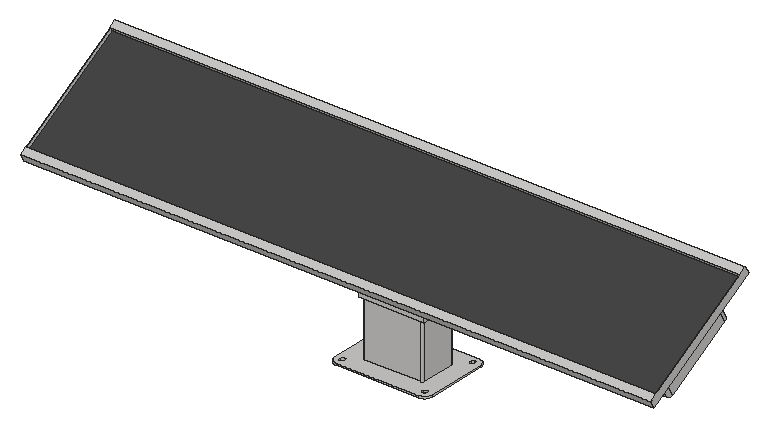
Revit family "Heater-Bromic-Platinum-Electric-Wall-Mounted_AU_ALL_23", category Mechanical Equipment, host Face, Revit 2020
Family settings
  Host = Face
  Round Connector Dimension = Use Diameter
  Classification = None
  Part Type = Normal
  OmniClass Number = 23.75.10.14
  OmniClass Title = Independent Electric Heating Units
  Cut with Voids When Loaded = Yes
  Shared = No
  Room Calculation Point = No
Parameters (values of type "Platinum Electric - 2300W - 220V-240V - Black - Wall Mounted")
  calcWidth = if(Heater Type Selector = 1, 182.118 mm, if(Heater Type Selector = 2, 182.118 mm, 256.54 mm))  # 182.118 mm
  calcSuspendedHeight [instance] = 245 mm  # constant formula
  calcLength = if(Heater Type Selector = 1, 839.978 mm, if(Heater Type Selector = 2, 1275.08 mm, 1351.28 mm))  # 839.978 mm
  calcDepth = 54 mm  # constant formula
  Width = 177.8 mm  # constant formula
  Weight = if(Heater Type Selector = 1, 7.484 kg, if(Heater Type Selector = 2, 9.979 kg, 9.979 kg))  # 7.484 kg
  Wattage = if(Heater Type Selector = 1, 2300 W, if(Heater Type Selector = 2, 3400 W, 4500 W))  # 2300 W
  Voltage = 230 V  # constant formula
  Utility = no
  URL = "https://www.bromic.com.au/product/platinum-smart-heat-electric/"
  ProductCode = "2620240"
  Product data url = "https://www.bimobject.com/bromic-heating/product/platinum-smart-heat-electric"
  Power Factor = 1
  Number of Poles = 1
  Mounting Type Info [instance] = "Wall Mounted - Angle Mount"  # constant formula
  Material = Metal-Steel-Stainless-Bromic
  Masking_2 = no
  Masking_1 = yes
  Load Sub-Classification Motor = no
  Load Classification = Power
  Length = if(Heater Type Selector = 2, 1275.08 mm, 838.2 mm)  # 838.2 mm
  Heater Type Selector = 1
  Screen Material = Ceramic-Tinted-Bromic-Black
  Show Clearance [instance] = no
  Model = "Platinum Smart-Heat™ Electric"  # constant formula
  Manufacturer = "Bromic Heating"  # constant formula
  Head Clearance = 152.4 mm  # constant formula
  Frequency = 50 Hz  # constant formula
  Floor Clearance = 1828.8 mm  # constant formula
  End Clearance = 304.8 mm  # constant formula
  Description = "The Platinum Smart-Heat™ Electric excels in efficiency, packing profound performance into a sleek package to suit high-end, style-centric settings. Designed specifically with low-clearance, semi-enclosed and aesthetically-focused spaces in mind, this heater minimizes light emission to blend seamlessly into rooflines with the aid of recess kits or stylishly mount to a number of other surfaces."  # constant formula
  Depth = 50.8 mm  # constant formula
  Default Elevation = 1219.2 mm
  Connector Description = ""
  Approximate Heat Area = if(Heater Type Selector = 1, 6.00 m², if(Heater Type Selector = 2, 10.00 m², 12.00 m²))  # 6.00 m²
  Apparent Load = if(Heater Type Selector = 1, 2300 VA, if(Heater Type Selector = 2, 3400 VA, 4500 VA))  # 2300 VA
  Angle [instance] = 60.00°  # constant formula
Types (6, lengths in mm): name | calcWidth | calcLength | Weight | Wattage | ProductCode | Masking_2 | Masking_1 | Length | Heater Type Selector | Screen Material | Approximate Heat Area | Apparent Load
  Platinum Electric - 4500W - 220V-240V - White - Wall Mounted | 256.54 | 1351.28 | 9.979 kg | 4500 W | "2622001" | yes | no | 838.2 | 3 | Ceramic-Tinted-Bromic-White | 12.00 m² | 4500 VA
  Platinum Electric - 4500W - 220V-240V - Black - Wall Mounted | 256.54 | 1351.28 | 9.979 kg | 4500 W | "2622000" | yes | no | 838.2 | 3 | Ceramic-Tinted-Bromic-Black | 12.00 m² | 4500 VA
  Platinum Electric - 3400W - 220V-240V - White - Wall Mounted | 182.118 | 1275.08 | 9.979 kg | 3400 W | "2620248" | no | yes | 1275.08 | 2 | Ceramic-Tinted-Bromic-White | 10.00 m² | 3400 VA
  Platinum Electric - 3400W - 220V-240V - Black - Wall Mounted | 182.118 | 1275.08 | 9.979 kg | 3400 W | "2620245" | no | yes | 1275.08 | 2 | Ceramic-Tinted-Bromic-Black | 10.00 m² | 3400 VA
  Platinum Electric - 2300W - 220V-240V - White - Wall Mounted | 182.118 | 839.978 | 7.484 kg | 2300 W | "2620247" | no | yes | 838.2 | 1 | Ceramic-Tinted-Bromic-White | 6.00 m² | 2300 VA
  Platinum Electric - 2300W - 220V-240V - Black - Wall Mounted | 182.118 | 839.978 | 7.484 kg | 2300 W | "2620240" | no | yes | 838.2 | 1 | Ceramic-Tinted-Bromic-Black | 6.00 m² | 2300 VA
Reference planes
  plane 1 "Center (Front/Back)": y = 0
  plane 2: z = 0
  plane 3 "Center (Left/Right)": x = 0
  plane 4: z = 189
  plane 5: z = 245
  plane 6: x = -419.989
  plane 7: x = -724.789
  plane 8: x = 419.989
  plane 9: x = 724.789
  plane 10: y = 91.059
  plane 11: y = -91.059
  plane 12: y = 195.4
  plane 13: y = -1950.8
  plane 14: z = 2
  plane 15: z = 119.963
  plane 16: z = 191
  plane 17: x = -434.989
  plane 18: x = 434.989
  plane 19: y = -14.6
  plane 20: z = 153
  plane 21: y = 43
  plane 22: y = -122
Forms (mm)
  Extrusion 1, solid, material "Metal-Steel-Stainless-Bromic" <- "Material", detail levels coarse+medium
    sketch origin (0, 0, 0) x (1, 0, 0) y (0, 1, 0)
      loop
        arc (-65, -40) -> (-62.071, -47.071) -> (-55, -50) r 10
        line (-55, -50) -> (55, -50)
        arc (55, -50) -> (62.071, -47.071) -> (65, -40) r 10
        line (65, -40) -> (65, 40)
        arc (65, 40) -> (62.071, 47.071) -> (55, 50) r 10
        line (55, 50) -> (-55, 50)
        arc (-55, 50) -> (-62.071, 47.071) -> (-65, 40) r 10
        line (-65, 40) -> (-65, -40)
    from 0 to 2
  Extrusion 2, solid, material "Metal-Steel-Stainless-Bromic" <- "Material", detail levels fine
    sketch origin (0, 0, 0) x (1, 0, 0) y (0, 1, 0)
      loop
        arc (-65, -40) -> (-62.071, -47.071) -> (-55, -50) r 10
        line (-55, -50) -> (55, -50)
        arc (55, -50) -> (62.071, -47.071) -> (65, -40) r 10
        line (65, -40) -> (65, 40)
        arc (65, 40) -> (62.071, 47.071) -> (55, 50) r 10
        line (55, 50) -> (-55, 50)
        arc (-55, 50) -> (-62.071, 47.071) -> (-65, 40) r 10
        line (-65, 40) -> (-65, -40)
      loop
        circle (-55, -40) r 3.25
      loop
        circle (55, -40) r 3.25
      loop
        circle (55, 40) r 3.25
      loop
        circle (-55, 40) r 3.25
    from 0 to 2
  Extrusion 3, solid, material "Metal-Steel-Stainless-Bromic" <- "Material"
    sketch origin (0, 0, -30.5) x (0, 1, 0) y (0, 0, 1)
      loop
        line (27, 105.5) -> (27, 161.447) -> (8.051, 194.268) -> (-35.251, 169.268) -> (-27, 154.977) -> (-27, 105.5) -> (27, 105.5)
    from -43 to 43
  Extrusion 4, solid, material "Metal-Steel-Stainless-Bromic" <- "Material"
    sketch origin (0, 64.8, 0) x (1, 0, 0) y (0, 1, 0)
      loop
        line (-40, -41.8) -> (-40, -86.8)
        arc (-40, -86.8) -> (-39.121, -88.921) -> (-37, -89.8) r 3
        line (-37, -89.8) -> (37, -89.8)
        arc (37, -89.8) -> (39.121, -88.921) -> (40, -86.8) r 3
        line (40, -86.8) -> (40, -41.8)
        arc (40, -41.8) -> (39.414, -40.386) -> (38, -39.8) r 2
        line (38, -39.8) -> (-38, -39.8)
        arc (-38, -39.8) -> (-39.414, -40.386) -> (-40, -41.8) r 2
    from 2 to 75
  Extrusion 5, solid, material "Metal-Steel-Stainless-Bromic" <- "Material"
    sketch origin (0, 0, 0) x (0, 1, 0) y (0, 0, 1)
      loop
        line (25.371, 173.768) -> (24.371, 175.5) -> (-53.571, 130.5) -> (-52.571, 128.768) -> (25.371, 173.768)
    from -70 to 70
Lines and regions (mm)
  Masking region 1, visible <- "Masking_1"
    outline origin (0, 0, 0) x (1, 0, 0) y (0, 0, 1)
      loop
        line (419.989, 235.769) -> (419.989, 245.295) -> (-419.989, 245.295) -> (-419.989, 235.769) -> (419.989, 235.769)
  Masking region 2, visible <- "Masking_1"
    outline origin (0, 0, 0) x (1, 0, 0) y (0, 0, 1)
      loop
        spline (394.989, 180.53) -> (395.642, 180.508) -> (396.283, 180.444) -> (396.902, 180.339) -> (397.489, 180.195) -> (398.033, 180.013) -> (398.525, 179.797) -> (398.956, 179.551) -> (399.319, 179.28) -> (399.608, 178.986) -> (399.819, 178.677) -> (399.946, 178.356) -> (399.989, 178.03)
        line (399.989, 178.03) -> (399.989, 215.269)
        spline (399.989, 215.269) -> (399.946, 215.595) -> (399.819, 215.916) -> (399.608, 216.225) -> (399.319, 216.519) -> (398.956, 216.79) -> (398.525, 217.036) -> (398.033, 217.252) -> (397.489, 217.434) -> (396.902, 217.578) -> (396.283, 217.683) -> (395.642, 217.747) -> (394.989, 217.769)
        line (394.989, 217.769) -> (-394.989, 217.769)
        spline (-394.989, 217.769) -> (-395.642, 217.747) -> (-396.283, 217.683) -> (-396.902, 217.578) -> (-397.489, 217.434) -> (-398.033, 217.252) -> (-398.525, 217.036) -> (-398.956, 216.79) -> (-399.319, 216.519) -> (-399.608, 216.225) -> (-399.819, 215.916) -> (-399.946, 215.595) -> (-399.989, 215.269)
        line (-399.989, 215.269) -> (-399.989, 178.03)
        spline (-399.989, 178.03) -> (-399.946, 178.356) -> (-399.819, 178.677) -> (-399.608, 178.986) -> (-399.319, 179.28) -> (-398.956, 179.551) -> (-398.525, 179.797) -> (-398.033, 180.013) -> (-397.489, 180.195) -> (-396.902, 180.339) -> (-396.283, 180.444) -> (-395.642, 180.508) -> (-394.989, 180.53)
        line (-394.989, 180.53) -> (394.989, 180.53)
  Masking region 3, visible <- "Masking_1"
    outline origin (0, 0, 0) x (1, 0, 0) y (0, 0, 1)
      loop
        line (399.989, 215.512) -> (399.989, 144.71) -> (419.989, 144.71) -> (419.989, 235.769) -> (-419.989, 235.769) -> (-419.989, 144.71) -> (-400.094, 144.71) -> (-400.094, 215.324)
        arc (-400.094, 215.324) -> (-398.348, 217.145) -> (-395.904, 217.769) r 4.592
        line (-395.904, 217.769) -> (395.904, 217.769)
        arc (395.904, 217.769) -> (398.255, 217.198) -> (399.989, 215.512) r 4.592
  Masking region 4
    outline origin (0, 0, 0) x (1, 0, 0) y (0, 0, 1)
      loop
        line (40, 2) -> (40, 75) -> (43, 75) -> (43, 128.768) -> (70, 128.768) -> (70, 175.5) -> (-70, 175.5) -> (-70, 128.768) -> (-43, 128.768) -> (-43, 75) -> (-40, 75) -> (-40, 2) -> (-65, 2) -> (-65, 0) -> (65, 0) -> (65, 2) -> (40, 2)
  Masking region 5, visible <- "Masking_1"
    outline origin (0, 0, 0) x (1, 0, 0) y (0, 0, 1)
      loop
        line (399.989, 127.971) -> (399.989, 178.273)
        arc (399.989, 178.273) -> (398.255, 179.959) -> (395.904, 180.53) r 4.592
        line (395.904, 180.53) -> (-395.904, 180.53)
        arc (-395.904, 180.53) -> (-398.255, 179.959) -> (-399.989, 178.273) r 4.592
        line (-399.989, 178.273) -> (-399.989, 127.971)
        spline (-399.989, 127.971) -> (-399.946, 127.644) -> (-399.819, 127.323) -> (-399.608, 127.014) -> (-399.319, 126.721) -> (-398.956, 126.449) -> (-398.525, 126.203) -> (-398.033, 125.987) -> (-397.489, 125.805) -> (-396.902, 125.661) -> (-396.283, 125.556) -> (-395.642, 125.492) -> (-394.989, 125.471)
        line (-394.989, 125.471) -> (-43, 125.471) -> (-43, 128.768) -> (-70, 128.768) -> (-70, 175.5) -> (70, 175.5) -> (70, 128.768) -> (43, 128.768) -> (43, 125.471) -> (394.989, 125.471)
        spline (394.989, 125.471) -> (395.642, 125.492) -> (396.283, 125.556) -> (396.902, 125.661) -> (397.489, 125.805) -> (398.033, 125.987) -> (398.525, 126.203) -> (398.956, 126.449) -> (399.319, 126.721) -> (399.608, 127.014) -> (399.819, 127.323) -> (399.946, 127.644) -> (399.989, 127.971)
  Masking region 6, visible <- "Masking_2"
    outline origin (0, 0, 0) x (1, 0, 0) y (0, 0, 1)
      loop
        line (419.989, 254.374) -> (419.989, 263.9) -> (-419.989, 263.9) -> (-419.989, 254.374) -> (419.989, 254.374)
  Masking region 7, visible <- "Masking_2"
    outline origin (0, 0, 18.606) x (1, 0, 0) y (0, 0, 1)
      loop
        spline (394.989, 180.53) -> (395.642, 180.508) -> (396.283, 180.444) -> (396.902, 180.339) -> (397.489, 180.195) -> (398.033, 180.013) -> (398.525, 179.797) -> (398.956, 179.551) -> (399.319, 179.28) -> (399.608, 178.986) -> (399.819, 178.677) -> (399.946, 178.356) -> (399.989, 178.03)
        line (399.989, 178.03) -> (399.989, 215.269)
        spline (399.989, 215.269) -> (399.946, 215.595) -> (399.819, 215.916) -> (399.608, 216.225) -> (399.319, 216.519) -> (398.956, 216.79) -> (398.525, 217.036) -> (398.033, 217.252) -> (397.489, 217.434) -> (396.902, 217.578) -> (396.283, 217.683) -> (395.642, 217.747) -> (394.989, 217.769)
        line (394.989, 217.769) -> (-394.989, 217.769)
        spline (-394.989, 217.769) -> (-395.642, 217.747) -> (-396.283, 217.683) -> (-396.902, 217.578) -> (-397.489, 217.434) -> (-398.033, 217.252) -> (-398.525, 217.036) -> (-398.956, 216.79) -> (-399.319, 216.519) -> (-399.608, 216.225) -> (-399.819, 215.916) -> (-399.946, 215.595) -> (-399.989, 215.269)
        line (-399.989, 215.269) -> (-399.989, 178.03)
        spline (-399.989, 178.03) -> (-399.946, 178.356) -> (-399.819, 178.677) -> (-399.608, 178.986) -> (-399.319, 179.28) -> (-398.956, 179.551) -> (-398.525, 179.797) -> (-398.033, 180.013) -> (-397.489, 180.195) -> (-396.902, 180.339) -> (-396.283, 180.444) -> (-395.642, 180.508) -> (-394.989, 180.53)
        line (-394.989, 180.53) -> (394.989, 180.53)
  Masking region 8, visible <- "Masking_2"
    outline origin (0, 0, 18.605) x (1, 0, 0) y (0, 0, 1)
      loop
        line (399.989, 215.512) -> (399.989, 107.499) -> (419.989, 107.499) -> (419.989, 235.769) -> (-419.989, 235.769) -> (-419.989, 107.499) -> (-400.094, 107.499) -> (-400.094, 215.324)
        arc (-400.094, 215.324) -> (-398.348, 217.145) -> (-395.904, 217.769) r 4.592
        line (-395.904, 217.769) -> (395.904, 217.769)
        arc (395.904, 217.769) -> (398.255, 217.198) -> (399.989, 215.512) r 4.592
  Masking region 9, visible <- "Masking_2"
    outline origin (0, 0, 0) x (1, 0, 0) y (0, 0, 1)
      loop
        line (399.989, 109.365) -> (399.989, 196.878)
        arc (399.989, 196.878) -> (398.255, 198.564) -> (395.904, 199.135) r 4.592
        line (395.904, 199.135) -> (-395.904, 199.135)
        arc (-395.904, 199.135) -> (-398.255, 198.564) -> (-399.989, 196.878) r 4.592
        line (-399.989, 196.878) -> (-399.989, 109.365)
        spline (-399.989, 109.365) -> (-399.946, 109.039) -> (-399.819, 108.718) -> (-399.608, 108.408) -> (-399.319, 108.115) -> (-398.956, 107.843) -> (-398.525, 107.597) -> (-398.033, 107.382) -> (-397.489, 107.2) -> (-396.902, 107.055) -> (-396.283, 106.95) -> (-395.642, 106.886) -> (-394.989, 106.865)
        line (-394.989, 106.865) -> (-43, 106.865) -> (-43, 128.768) -> (-70, 128.768) -> (-70, 175.5) -> (70, 175.5) -> (70, 128.768) -> (43, 128.768) -> (43, 106.865) -> (394.989, 106.865)
        spline (394.989, 106.865) -> (395.642, 106.886) -> (396.283, 106.95) -> (396.902, 107.055) -> (397.489, 107.2) -> (398.033, 107.382) -> (398.525, 107.597) -> (398.956, 107.843) -> (399.319, 108.115) -> (399.608, 108.408) -> (399.819, 108.718) -> (399.946, 109.039) -> (399.989, 109.365)
  reference lines
    curve 1: line (0, -14.6, 153) -> (0, -9.791, 144.67)
    curve 2: line (0, -14.6, 153) -> (0, -9.363, 156.023)
  symbolic lines
    curve 3: line (40, 0, 2) -> (-40, 0, 2)
    curve 4: line (40, 0, 75) -> (-40, 0, 75)
    curve 5: line (-43, 0, 130.947) -> (-43, 0, 163.768)
    curve 6: line (-43, 0, 163.768) -> (43, 0, 163.768)
    curve 7: line (43, 0, 163.768) -> (43, 0, 130.947)
    curve 8: line (70, 0, 173.768) -> (-70, 0, 173.768)
    curve 9: line (43, 0, 130.947) -> (-43, 0, 130.947)
    curve 10: line (43, 0, 130.947) -> (43, 0, 128.768)
    curve 11: line (-43, 0, 130.947) -> (-43, 0, 128.768)
Dimensions and locks
  equal spacing: plane 8, plane 3 "Center (Left/Right)", plane 6
  "calcLength": plane 8 to plane 6
  "End Clearance": plane 6 to plane 7
  "End Clearance": plane 9 to plane 8
  equal spacing: plane 11, plane 1 "Center (Front/Back)", plane 10
  "calcWidth": plane 11 to plane 10
  "Head Clearance": plane 21 to plane 12
  "Floor Clearance": plane 13 to plane 22
  locked: plane 2 to plane 14 at 2
  plane 15 to plane 4 to plane 16 to plane 5 = 69.038 mm locked, 2 mm locked, 54 mm
  "calcSuspendedHeight": plane 2 to plane 5
  locked: plane 17 to plane 6 at 15
  locked: plane 8 to plane 18 at 15
  locked: plane 1 "Center (Front/Back)" to plane 19 at 14.6
  locked: plane 16 to plane 20 at 38
  Extrusion 3 sketch curve to Extrusion 3 sketch curve to Extrusion 3 sketch curve to Extrusion 3 sketch curve to Extrusion 3 sketch curve to plane 16 = 49.477 mm locked, 6.469 mm locked, 7.821 mm locked, 25 mm locked, 27.232 mm locked
  Extrusion 4 sketch curve to plane 1 "Center (Front/Back)" to Extrusion 4 sketch curve = 25 mm locked, 25 mm locked
  Extrusion 2 sketch curve to plane 1 "Center (Front/Back)" to Extrusion 2 sketch curve = 50 mm locked, 50 mm locked
  Extrusion 2 sketch curve to plane 3 "Center (Left/Right)" to Extrusion 2 sketch curve = 65 mm locked, 65 mm locked
  Extrusion 1 sketch curve to plane 1 "Center (Front/Back)" to Extrusion 1 sketch curve = 50 mm locked, 50 mm locked
  Extrusion 1 sketch curve to plane 3 "Center (Left/Right)" to Extrusion 1 sketch curve = 65 mm locked, 65 mm locked
  locked: plane 21 to plane 1 "Center (Front/Back)" at 43
  locked: plane 21 to plane 22 at 165
  locked: Extrusion 5 sketch curve to Extrusion 3 at 20  (x2)
  locked: Extrusion 5 sketch curve to Extrusion 5 sketch curve at 2
  "Angle": angle plane 2 to curve 1
  locked: curve 2 to curve 1 (angle 90.00°)
  locked: Extrusion 5 sketch curve to Extrusion 5 sketch curve (angle 90.00°)  (x3)
  aligned and locked: plane 2 to host face
  aligned and locked: level to host face
  aligned and locked: plane 2 to nested 2
  aligned and locked: nested 2 to plane 7
  aligned and locked: plane 9 to nested 2
  aligned and locked: nested 2 to plane 12
  aligned and locked: nested 2 to plane 13
  aligned and locked: Extrusion 2 to plane 14
  aligned and locked: Extrusion 1 to plane 14
  aligned and locked: Extrusion 2 to plane 2
  aligned and locked: Extrusion 1 to plane 2
  aligned and locked: plane 19 to curve 1
  aligned and locked: nested 1 to curve 1
  aligned and locked: nested 1 to plane 3 "Center (Left/Right)"
  aligned and locked: plane 14 to Extrusion 4
  aligned and locked: Extrusion 4 to Extrusion 3
  aligned and locked: plane 20 to curve 2
  aligned and locked: Extrusion 5 sketch curve to Extrusion 3
  aligned and locked: nested 2 to plane 5
Automatic sketch dimensions
  host sketch curve to host sketch curve = 2438.4 mm  (x2)
  Extrusion 1 sketch curve to Extrusion 1 sketch curve = 10 mm  (x3)
  Extrusion 1 sketch curve to plane 1 "Center (Front/Back)" = 40 mm
  plane 3 "Center (Left/Right)" to Extrusion 2 sketch curve = 55 mm
  Extrusion 4 sketch curve to Extrusion 4 sketch curve = 2 mm  (x2)
  Extrusion 4 sketch curve to Extrusion 4 sketch curve = 3 mm  (x2)
  Extrusion 2 sketch curve to Extrusion 2 sketch curve = 0 mm  (x8)
  Extrusion 2 sketch curve to Extrusion 2 sketch curve = 10 mm  (x3)
  Extrusion 3 sketch curve to plane 19 = 20.651 mm
  Extrusion 3 sketch curve to Extrusion 3 sketch curve = 8.251 mm
  Extrusion 4 sketch curve to plane 3 "Center (Left/Right)" = 40 mm
  plane 3 "Center (Left/Right)" to Extrusion 4 sketch curve = 37 mm
  Masking region 1 sketch curve to plane 6 = 0 mm
  Masking region 1 sketch curve to plane 8 = 0 mm
  plane 5 to Masking region 1 sketch curve = 9.231 mm
  Masking region 1 sketch curve to plane 5 = 0.295 mm
  plane 6 to Masking region 2 sketch curve = 20 mm
  Masking region 2 sketch curve to Masking region 2 sketch curve = 5 mm  (x4)
  Masking region 2 sketch curve to plane 8 = 25 mm
  Masking region 2 sketch curve to plane 4 = 8.471 mm
  Masking region 2 sketch curve to Masking region 2 sketch curve = 2.5 mm  (x3)
  Masking region 2 sketch curve to plane 16 = 24.269 mm
  Masking region 2 sketch curve to plane 16 = 26.769 mm
  Masking region 3 sketch curve to plane 6 = 0 mm
  Masking region 3 sketch curve to plane 8 = 0 mm
  Masking region 3 sketch curve to plane 20 = 8.29 mm  (x2)
  Masking region 3 sketch curve to Masking region 3 sketch curve = 19.895 mm
  Masking region 3 sketch curve to Masking region 3 sketch curve = 4.06 mm
  Masking region 3 sketch curve to Masking region 3 sketch curve = 0.13 mm  (x2)
  Masking region 3 sketch curve to plane 8 = 24.085 mm
  Masking region 3 sketch curve to plane 16 = 22.179 mm  (x2)
  Masking region 3 sketch curve to Masking region 3 sketch curve = 2.145 mm
  plane 5 to Masking region 3 sketch curve = 9.231 mm
  Masking region 3 sketch curve to Masking region 3 sketch curve = 3.955 mm
  Masking region 4 sketch curve to level = 0 mm
  Masking region 4 sketch curve to plane 14 = 0 mm  (x2)
  Masking region 4 sketch curve to plane 15 = 8.805 mm  (x2)
  Masking region 4 sketch curve to plane 3 "Center (Left/Right)" = 70 mm
  Masking region 4 sketch curve to plane 3 "Center (Left/Right)" = 65 mm
  Masking region 4 sketch curve to Masking region 4 sketch curve = 27 mm  (x2)
  Masking region 4 sketch curve to Masking region 4 sketch curve = 3 mm  (x2)
  plane 3 "Center (Left/Right)" to Masking region 4 sketch curve = 43 mm
  plane 3 "Center (Left/Right)" to Masking region 4 sketch curve = 65 mm
  Masking region 4 sketch curve to plane 4 = 13.5 mm
  plane 15 to Masking region 4 sketch curve = 44.963 mm  (x2)
  curve 3 to plane 14 = 0 mm
  curve 9 to plane 15 = 10.984 mm
  curve 9 to plane 3 "Center (Left/Right)" = 43 mm
  plane 3 "Center (Left/Right)" to curve 9 = 43 mm
  plane 20 to curve 6 = 10.768 mm
  curve 8 to curve 5 = 27 mm
  curve 3 to plane 3 "Center (Left/Right)" = 40 mm
  curve 4 to plane 3 "Center (Left/Right)" = 40 mm
  plane 3 "Center (Left/Right)" to curve 3 = 40 mm
  plane 3 "Center (Left/Right)" to curve 4 = 40 mm
  curve 6 to curve 8 = 27 mm
  plane 15 to curve 4 = 44.963 mm
  curve 10 to curve 7 = 2.179 mm
  curve 11 to curve 5 = 2.179 mm
  curve 8 to plane 4 = 15.232 mm
  Masking region 5 sketch curve to plane 15 = 8.008 mm
  plane 6 to Masking region 5 sketch curve = 20 mm
  Masking region 5 sketch curve to Masking region 5 sketch curve = 3.955 mm
  Masking region 5 sketch curve to Masking region 5 sketch curve = 0.13 mm  (x2)
  Masking region 5 sketch curve to Masking region 5 sketch curve = 5 mm  (x2)
  Masking region 5 sketch curve to plane 4 = 13.5 mm
  Masking region 5 sketch curve to plane 3 "Center (Left/Right)" = 70 mm
  Masking region 5 sketch curve to plane 15 = 5.508 mm  (x2)
  Masking region 5 sketch curve to Masking region 5 sketch curve = 27 mm  (x2)
  plane 3 "Center (Left/Right)" to Masking region 5 sketch curve = 43 mm
  Masking region 5 sketch curve to plane 8 = 25 mm
  Masking region 5 sketch curve to plane 4 = 8.471 mm
  Masking region 5 sketch curve to plane 8 = 24.085 mm
  Masking region 5 sketch curve to Masking region 5 sketch curve = 2.5 mm
  Masking region 5 sketch curve to plane 15 = 8.805 mm
  Masking region 5 sketch curve to Masking region 5 sketch curve = 3.297 mm
  Masking region 5 sketch curve to Masking region 5 sketch curve = 4.59 mm  (x2)
  plane 6 to Masking region 7 sketch curve = 20 mm
  Masking region 7 sketch curve to Masking region 7 sketch curve = 5 mm  (x3)
  Masking region 7 sketch curve to plane 8 = 25 mm  (x2)
  plane 5 to Masking region 7 sketch curve = 48.365 mm  (x2)
  Masking region 7 sketch curve to Masking region 7 sketch curve = 2.5 mm  (x2)
  Masking region 7 sketch curve to Masking region 7 sketch curve = 34.739 mm  (x2)
  plane 6 to Masking region 9 sketch curve = 20 mm
  Masking region 9 sketch curve to Masking region 9 sketch curve = 3.955 mm  (x2)
  Masking region 9 sketch curve to Masking region 9 sketch curve = 0.13 mm  (x2)
  Masking region 9 sketch curve to Masking region 9 sketch curve = 5 mm
  Masking region 9 sketch curve to plane 3 "Center (Left/Right)" = 70 mm
  Masking region 9 sketch curve to Masking region 9 sketch curve = 27 mm  (x2)
  plane 3 "Center (Left/Right)" to Masking region 9 sketch curve = 43 mm
  Masking region 9 sketch curve to plane 8 = 25 mm
  Masking region 9 sketch curve to plane 8 = 24.085 mm
  plane 5 to Masking region 9 sketch curve = 138.135 mm
  Masking region 9 sketch curve to Masking region 9 sketch curve = 0 mm
  Masking region 9 sketch curve to Masking region 9 sketch curve = 2.5 mm  (x2)
  Masking region 9 sketch curve to Masking region 9 sketch curve = 21.903 mm  (x2)
  Masking region 9 sketch curve to Masking region 9 sketch curve = 46.732 mm
  Masking region 9 sketch curve to Masking region 9 sketch curve = 85.18 mm  (x2)
  Masking region 9 sketch curve to Masking region 9 sketch curve = 2.333 mm
  Masking region 6 sketch curve to plane 6 = 0 mm
  Masking region 6 sketch curve to plane 8 = 0 mm
  Masking region 6 sketch curve to plane 5 = 9.374 mm
  Masking region 6 sketch curve to Masking region 6 sketch curve = 9.526 mm
  Masking region 8 sketch curve to plane 6 = 0 mm
  Masking region 8 sketch curve to plane 8 = 0 mm
  Masking region 8 sketch curve to plane 15 = 6.142 mm  (x2)
  Masking region 8 sketch curve to Masking region 8 sketch curve = 19.895 mm
  Masking region 8 sketch curve to Masking region 8 sketch curve = 4.06 mm
  Masking region 8 sketch curve to Masking region 8 sketch curve = 0.13 mm  (x2)
  plane 5 to Masking region 8 sketch curve = 8.626 mm
  Masking region 8 sketch curve to plane 8 = 24.085 mm
  Masking region 8 sketch curve to Masking region 8 sketch curve = 3.955 mm
  Masking region 8 sketch curve to Masking region 8 sketch curve = 4.59 mm  (x2)
  Masking region 8 sketch curve to plane 5 = 9.374 mm
  radius of Extrusion 2 sketch curve = 3.25 mm  (x4)
Nested families
  nested 1: "X-Heater-Electric-Bromic-Smart Heat-Platinum" at (0, -14.6, 153) x (-1, 0, 0) z (0, -0.5, 0.866), type "X-Heater-Electric-Bromic-Smart Heat-Platinum"
    with Width_ANZRS 182.118 mm, Length_ANZRS 839.978 mm
  nested 2: "Clearance Zone" at (0, -877.7, 0), visible <- "Show Clearance", type "Standard"
    with Width 1449.578 mm, Height 245 mm, Equipment Finish Clearance Zone, Depth 2146.2 mm
Connectors
  electrical at (0, -14.6, 153), driven by "Voltage", driven by "Apparent Load", driven by "Power Factor", driven by "Number of Poles", driven by "Load Classification", driven by "Load Sub-Classification Motor", driven by "Utility", driven by "Connector Description"
    settings: on nested 1, index 1, voltage 230 V, apparent load 2300 VA, apparent load phase1 0 VA, apparent load phase2 0 VA, apparent load phase3 0 VA, power factor 1, load classification "Power", number of poles 1, system type 30, power factor state 1, is connector primary yes, connector utility no, sub classification motor no, connector description ""
Definition of nested family "X-Heater-Electric-Bromic-Smart Heat-Platinum"
  Parameters (values of type "X-Heater-Electric-Bromic-Smart Heat-Platinum")
    Width_ANZRS = 182 mm
    Screen Material = none
    Material_ANZRS = none
    Length_ANZRS = 840 mm
    Depth_ANZRS = 54 mm
    Default Elevation = 1219.2 mm
  Reference planes
    plane 1 "Center (Front/Back)": y = 0
    plane 2: z = 0
    plane 3 "Center (Left/Right)": x = 0
    plane 4: x = -420
    plane 5: x = 420
    plane 6: y = 91
    plane 7: y = -91
    plane 8: z = 54
    plane 9: z = 43
    plane 10: z = 50
  Forms (mm)
    Extrusion 1, solid
      sketch origin (0, 0, 0) x (1, 0, 0) y (0, 1, 0)
        loop
          line (-1219.2, 1219.2) -> (-1219.2, -1219.2) -> (1219.2, -1219.2) -> (1219.2, 1219.2) -> (-1219.2, 1219.2)
      from 0 to -304.8
    Extrusion 2, solid, material <- "Material_ANZRS"
      sketch origin (0, 0, 0) x (1, 0, 0) y (0, 1, 0)
        loop
          arc (-395, 55) -> (-398.536, 53.536) -> (-400, 50) r 5
          line (-400, 50) -> (-400, -50)
          arc (-400, -50) -> (-398.536, -53.536) -> (-395, -55) r 5
          line (-395, -55) -> (395, -55)
          arc (395, -55) -> (398.536, -53.536) -> (400, -50) r 5
          line (400, -50) -> (400, 50)
          arc (400, 50) -> (398.536, 53.536) -> (395, 55) r 5
          line (395, 55) -> (-395, 55)
      from 0 to 43
    Extrusion 3, solid, material <- "Material_ANZRS"
      sketch origin (0, 0, 0) x (0, 1, 0) y (0, 0, 1)
        loop
          line (91, 54) -> (80.75, 54) -> (80.75, 44.5) -> (-80.75, 44.5) -> (-80.75, 54) -> (-91, 54) -> (-91, 43) -> (91, 43) -> (91, 54)
      from -420 to 420
    Extrusion 4, solid, material <- "Screen Material"
      sketch origin (0, 0, 0) x (1, 0, 0) y (0, 1, 0)
        loop
          line (-417, 80.75) -> (-417, -80.75) -> (417, -80.75) -> (417, 80.75) -> (-417, 80.75)
      from 44.5 to 50
    Extrusion 5, solid, material <- "Material_ANZRS"
      sketch origin (0, 0, 0) x (1, 0, 0) y (0, 0, 1)
        loop
          line (-420, 52) -> (-420, 44.5) -> (-419, 44.5) -> (-419, 52) -> (-420, 52)
        loop
          line (420, 52) -> (419, 52) -> (419, 44.5) -> (420, 44.5) -> (420, 52)
      from -80.75 to 80.75
  Cuts and joins
    joined: Extrusion 3, Extrusion 5
  Dimensions and locks
    equal spacing: plane 4, plane 3 "Center (Left/Right)", plane 5
    "Length_ANZRS": plane 4 to plane 5
    equal spacing: plane 7, plane 1 "Center (Front/Back)", plane 6
    "Width_ANZRS": plane 7 to plane 6
    "Depth_ANZRS": plane 8 to plane 2
    locked: plane 7 to Extrusion 2 sketch curve at 36
    locked: plane 4 to Extrusion 2 sketch curve at 20
    locked: Extrusion 2 sketch curve to plane 6 at 36
    locked: Extrusion 2 sketch curve to plane 5 at 20
    locked: plane 8 to plane 9 at 11
    locked: Extrusion 3 sketch curve to plane 7 at 10.25
    locked: plane 6 to Extrusion 3 sketch curve at 10.25
    locked: Extrusion 3 sketch curve to plane 9 at 1.5
    locked: plane 4 to Extrusion 4 sketch curve at 3
    locked: Extrusion 4 sketch curve to plane 5 at 3
    locked: plane 8 to plane 10 at 4
    locked: Extrusion 5 sketch curve to plane 10 at 2  (x2)
    locked: Extrusion 5 sketch curve to plane 4 at 1
    locked: plane 5 to Extrusion 5 sketch curve at 1
    aligned and locked: plane 2 to Extrusion 1
    aligned and locked: level to Extrusion 1
    aligned and locked: Extrusion 2 to plane 2
    aligned and locked: plane 9 to Extrusion 2
    aligned and locked: plane 7 to Extrusion 3 sketch curve
    aligned and locked: plane 9 to Extrusion 3 sketch curve
    aligned and locked: plane 8 to Extrusion 3 sketch curve
    aligned and locked: Extrusion 3 sketch curve to plane 8
    aligned and locked: plane 6 to Extrusion 3 sketch curve
    aligned and locked: plane 5 to Extrusion 3
    aligned and locked: Extrusion 3 to plane 4
    aligned and locked: Extrusion 3 to Extrusion 4 sketch curve  (x2)
    aligned and locked: Extrusion 4 to Extrusion 3
    aligned and locked: Extrusion 4 to plane 10
    aligned and locked: Extrusion 3 to Extrusion 5 sketch curve
    aligned and locked: plane 4 to Extrusion 5 sketch curve
    aligned and locked: plane 5 to Extrusion 5 sketch curve
    aligned and locked: Extrusion 5 sketch curve to Extrusion 3
    aligned and locked: Extrusion 5 to Extrusion 3  (x2)
  Automatic sketch dimensions
    Extrusion 1 sketch curve to Extrusion 1 sketch curve = 2438.4 mm  (x2)
    Extrusion 2 sketch curve to Extrusion 2 sketch curve = 5 mm  (x4)
Definition of nested family "Clearance Zone"
  Parameters (values of type "Standard")
    Width [instance] = 800 mm
    URL = ""
    Manufacturer = ""
    Height [instance] = 580 mm
    Equipment Finish [instance] = none
    Depth [instance] = 1400 mm
    Default Elevation = 0 mm
    Clearance Offset Top = 0 mm
    Clearance Offset Right = 0 mm
    Clearance Offset Left = 0 mm
    Clearance Offset Front = 0 mm
    Clearance Offset Bottom = 0 mm
    Clearance Offset Back = 0 mm
    Assembly Code = ""
  Reference planes
    plane 1 "Center (Front/Back)": y = 0
    plane 2 "Bottom": z = 0
    plane 3 "Center (Left/Right)": x = 0
    plane 4 "Left": x = -400
    plane 5 "Back": y = 700
    plane 6 "Right": x = 400
    plane 7 "Front": y = -700
    plane 8 "Top": z = 580
    plane 9 "Clearance Offset Right": x = 400
    plane 10 "Clearance Offset Left": x = -400
    plane 11 "Clearance Offset Back": y = 700
    plane 12 "Clearance Offset Front": y = -700
    plane 13 "Clearance Offset Top": z = 580
    plane 14: z = 0
  Forms (mm)
    Extrusion 1, solid, material <- "Equipment Finish"
      sketch origin (0, 0, 0) x (1, 0, 0) y (0, 1, 0)
        loop
          line (-400, 700) -> (-400, -700) -> (400, -700) -> (400, 700) -> (-400, 700)
      from 0 to 580
  Lines and regions (mm)
    symbolic lines
      curve 1: line (-400, 0, 580) -> (400, 0, 580)
      curve 2: line (-400, 0, 0) -> (-400, 0, 580)
      curve 3: line (400, 0, 0) -> (-400, 0, 0)
      curve 4: line (400, 0, 580) -> (400, 0, 0)
      curve 5: line (0, 700, 580) -> (0, -700, 580)
      curve 6: line (0, 700, 0) -> (0, 700, 580)
      curve 7: line (0, -700, 0) -> (0, 700, 0)
      curve 8: line (0, -700, 580) -> (0, -700, 0)
      curve 9: line (-400, 700, 0) -> (400, 700, 0)
      curve 10: line (-400, -700, 0) -> (-400, 700, 0)
      curve 11: line (400, -700, 0) -> (-400, -700, 0)
      curve 12: line (400, 700, 0) -> (400, -700, 0)
  Text (mm)
    text "Copyright © Daikin Industries, Ltd. 2008" at (0.011, 0.009, 0), in view "Ref. Level"
  Dimensions and locks
    equal spacing: plane 4 "Left", plane 3 "Center (Left/Right)", plane 6 "Right"
    "Width": plane 4 "Left" to plane 6 "Right"
    equal spacing: plane 5 "Back", plane 1 "Center (Front/Back)", plane 7 "Front"
    "Depth": plane 5 "Back" to plane 7 "Front"
    "Height": plane 8 "Top" to plane 2 "Bottom"
    "Clearance Offset Front": plane 12 "Clearance Offset Front" to plane 7 "Front"
    "Clearance Offset Back": plane 11 "Clearance Offset Back" to plane 5 "Back"
    "Clearance Offset Left": plane 10 "Clearance Offset Left" to plane 4 "Left"
    "Clearance Offset Right": plane 6 "Right" to plane 9 "Clearance Offset Right"
    "Clearance Offset Top": plane 13 "Clearance Offset Top" to plane 8 "Top"
    curve 3 to plane 14 = 0 mm
    "Clearance Offset Bottom": plane 2 "Bottom" to plane 14
    aligned and locked: plane 2 "Bottom" to level
    aligned and locked: plane 9 "Clearance Offset Right" to Extrusion 1 sketch curve
    aligned and locked: Extrusion 1 sketch curve to plane 11 "Clearance Offset Back"
    aligned and locked: plane 10 "Clearance Offset Left" to Extrusion 1 sketch curve
    aligned and locked: Extrusion 1 sketch curve to plane 12 "Clearance Offset Front"
    aligned and locked: curve 9 to Extrusion 1  (x2)
    aligned and locked: Extrusion 1 to curve 12
    aligned and locked: curve 12 to Extrusion 1
    aligned and locked: plane 13 "Clearance Offset Top" to Extrusion 1
    aligned and locked: Extrusion 1 to plane 14
    aligned and locked: Extrusion 1 to plane 10 "Clearance Offset Left"
    aligned and locked: Extrusion 1 to plane 9 "Clearance Offset Right"  (x2)
    aligned and locked: Extrusion 1 to plane 13 "Clearance Offset Top"  (x2)
    aligned and locked: plane 14 to Extrusion 1  (x2)
    aligned and locked: curve 1 to plane 13 "Clearance Offset Top"
    aligned and locked: plane 9 "Clearance Offset Right" to curve 4
    aligned and locked: plane 10 "Clearance Offset Left" to curve 2
    aligned and locked: plane 14 to curve 3
    aligned and locked: plane 10 "Clearance Offset Left" to Extrusion 1  (x2)
    aligned and locked: curve 8 to plane 12 "Clearance Offset Front"
    aligned and locked: curve 5 to plane 13 "Clearance Offset Top"
    aligned and locked: curve 6 to plane 11 "Clearance Offset Back"
    aligned and locked: plane 14 to curve 7
